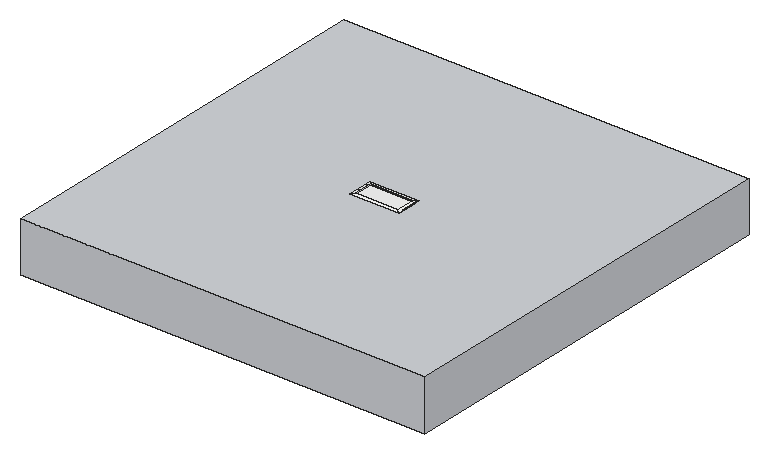
Revit family "Legrand_Emergencia_URA21LED_EN", category Luminaires, Revit 2020
Family settings
  Hôte = Face
  Cote de connecteur circulaire = Utiliser le diamètre
  Type d'élément = Normal
  Couper avec des vides une fois chargée = Non
  Source d'éclairage = Oui
  Partagée = Non
  Point de calcul de pièce = Non
Parameters (values of type "URA21LED NM 350LM 1H IP42 STD")
  WIRING_SYSTEM = "Standby switching"
  WIDTH = "109"
  VOLTAGE_TYPE = "AC"
  built-in parameter 1150107 = 3000 (stored number, unit not read)
  REF_SPARE_BATTERY = "660962"
  REFERENCE_URA_21_FLUSH_MOUNTING_BOX [instance] = if(URA_21_FLUSH_MOUNTING_BOX, "661720", "0")  # "0"
  REFERENCE_URA21LED_FLUSH-MOUNT_ACCESS [instance] = if([URA21LED_FLUSH-MOUNT_ACCESS], "661721", "0")  # "0"
  RECOGNITION_DISTANCE = ""
  Wattage = 9.2903 W
  built-in parameter 1150110 = 1 (stored number, unit not read)
  built-in parameter 1150109 = 1 (stored number, unit not read)
  built-in parameter 1114218 = 1 (stored number, unit not read)
  built-in parameter 1150113 = 1 (stored number, unit not read)
  built-in parameter 1150112 = 1 (stored number, unit not read)
  PROTECTION_CLASS = "II"
  PRODUCT_FORMAT = "Rectangle"
  POWER_SUPPLY_SYSTEM = "Peripheral (individual battery)"
  OUTER_DIAMETER = ""
  NOMINAL_VOLTAGE_(MIN) = "230"
  NOMINAL_VOLTAGE_(MAX) = "230"
  built-in parameter 1150137 = (empty or 0)
  built-in parameter 1150132 = 2
  MOUNTING_METHOD = "Built-in"
  MONITORING_EQUIPEMENT = "None"
  MATERIAL_HOUSING = "Plastic"
  MATERIAL_COVER = "Plastic. opal"
  URA21LED_FLUSH-MOUNT_ACCESS [instance] = no
  LUMINOUS_FLUX_AT_EMERGENCY_OPERATION = "350"
  LENGTH = "244"
  LAMP_TYPE = "LED not exchangeable"
  LAMP_POWER = "35"
  LABELLING_TYPE = "Sticker"
  built-in parameter 1150105 = 109.82 (stored number, unit not read)
  built-in parameter 1150102 = (empty or 0)
  HEIGHT/DEPTH = "57.5"
  Gradation des changements de température de couleur de lampe = <Aucun>
  General Conditions of Use = "https://export.legrand.com/en/terms-of-use-BIM-objects"
  Lumens = 1380 lm
  Color Filter = 16777215
  Fichier de distribution photométrique = "661609.ies"
  built-in parameter 1114217 = 1 (stored number, unit not read)
  built-in parameter 1150139 = (empty or 0)
  FUNCTION = "EL unit"
  Default Elevation = 1219.2 mm
  built-in parameter 1150104 = 13.8 (stored number, unit not read)
  built-in parameter 1150106 = 1.0982 (stored number, unit not read)
  built-in parameter 1150115 = 1 (stored number, unit not read)
  built-in parameter 1150114 = 1 (stored number, unit not read)
  DESCRIPTION = "URA21LED NM 350LM 1H IP42 STD"
  DEGREE_OF_PROTECTION_(IP) = "IP42"
  built-in parameter 1150138 = (empty or 0)
  built-in parameter 1150134 = (empty or 0)
  COLOUR_HOUSING = "White"
  CATEGORY = "Self-contained"
  URA_21_FLUSH_MOUNTING_BOX [instance] = no
  BUILT_IN_WIDTH = ""
  BUILT_IN_LENGTH = ""
  BUILT_IN_DIAMETER = ""
  BUILT_IN_DEPTH = ""
  BATTERY_QUALITY = "NiCd"
  BAES_FULL_WARRANTY_PERIOD = "2"
  Angle de l'inclinaison = 90.00°
  AUTONOMY = "1"
  ARTICLE_NUMBER = 661609
  built-in parameter 1150133 = 10 (stored number, unit not read)
Types (16, lengths in mm): name | WIRING_SYSTEM | REF_SPARE_BATTERY | REFERENCE_URA_21_FLUSH_MOUNTING_BOX | REFERENCE_URA21LED_FLUSH-MOUNT_ACCESS | MONITORING_EQUIPEMENT | URA21LED_FLUSH-MOUNT_ACCESS | LUMINOUS_FLUX_AT_EMERGENCY_OPERATION | LAMP_POWER | Fichier de distribution photométrique | DESCRIPTION | DEGREE_OF_PROTECTION_(IP) | URA_21_FLUSH_MOUNTING_BOX | BATTERY_QUALITY | AUTONOMY | ARTICLE_NUMBER
  URA21 LED NM 70LM 1H IP42 STD | "Standby switching" | "660972" | "0" | "0" | "None" | no | "70" | "7" | "661601.ies" | "URA21 LED NM 70LM 1H IP42 STD" | "IP42" | no | "NiCd" | "1" | 661601
  URA21 LED NM 100LM 1H IP42 STD | "Standby switching" | "660972" | "0" | "0" | "None" | no | "100" | "10" | "661602.ies" | "URA21 LED NM 100LM 1H IP42 STD" | "IP42" | no | "NiCd" | "1" | 661602
  URA21 LED M-NM 100LM 1H IP42 STD | "Continuous circuit/emergency cicuit" | "660972" | "0" | "0" | "None" | no | "100" | "10" | "661603.ies" | "URA21 LED M-NM 100LM 1H IP42 STD" | "IP42" | no | "NiCd" | "1" | 661603
  URA21 LED NM 160LM 1H IP42 STD | "Standby switching" | "660972" | "0" | "0" | "None" | no | "160" | "16" | "661605.ies" | "URA21 LED NM 160LM 1H IP42 STD" | "IP42" | no | "NiCd" | "1" | 661605
  URA21 LED M-NM 200LM 1H IP42 STD | "Continuous circuit/emergency cicuit" | "660962" | "0" | "0" | "None" | no | "200" | "20" | "661606.ies" | "URA21 LED M-NM 200LM 1H IP42 STD" | "IP42" | no | "NiCd" | "1" | 661606
  URA21 LED M-NM 350LM 1H IP42 STD | "Continuous circuit/emergency cicuit" | "660962" | "0" | "0" | "None" | no | "350" | "35" | "661607.ies" | "URA21 LED M-NM 350LM 1H IP42 STD" | "IP42" | no | "NiCd" | "1" | 661607
  URA21LED NM 200LM 1H IP42 STD | "Standby switching" | "660972" | "0" | "0" | "None" | no | "200" | "20" | "661608.ies" | "URA21LED NM 200LM 1H IP42 STD" | "IP42" | no | "NiCd" | "1" | 661608
  URA21LED NM 350LM 1H IP42 STD | "Standby switching" | "660962" | "0" | "0" | "None" | no | "350" | "35" | "661609.ies" | "URA21LED NM 350LM 1H IP42 STD" | "IP42" | no | "NiCd" | "1" | 661609
  URA21 LED M-NM 100LM 3H IP42 STD | "Continuous circuit/emergency cicuit" | "660971" | "0" | "0" | "None" | no | "100" | "10" | "661610.ies" | "URA21 LED M-NM 100LM 3H IP42 STD" | "IP42" | no | "NiMh" | "3" | 661610
  URA21LED NM 90LM 3H IP42 STD | "Continuous circuit/emergency cicuit" | "660962" | "0" | "0" | "None" | no | "90" | "10" | "661611.ies" | "URA21LED NM 90LM 3H IP42 STD" | "IP43" | no | "NiCd" | "3" | 661611
  URA21 LED M-NM 200LM 2H IP42 STD | "Continuous circuit/emergency cicuit" | "660971" | "0" | "0" | "None" | no | "200" | "20" | "661612.ies" | "URA21 LED M-NM 200LM 2H IP42 STD" | "IP42" | no | "NiMh" | "2" | 661612
  URA21 LED M-NM 100LM 1H IP42 ADR | "Continuous circuit/emergency cicuit" | "660972" | "0" | "0" | "Automatic self test" | no | "100" | "10" | "662603.ies" | "URA21 LED M-NM 100LM 1H IP42 ADR" | "IP42" | no | "NiCd" | "1" | 662603
  URA21 LED M-NM 200LM 1H IP42 ADR | "Continuous circuit/emergency cicuit" | "660962" | "0" | "0" | "Automatic self test" | no | "200" | "20" | "662606.ies" | "URA21 LED M-NM 200LM 1H IP42 ADR" | "IP42" | no | "NiCd" | "1" | 662606
  URA21 LED M-NM 350LM 1H IP42 ADR | "Continuous circuit/emergency cicuit" | "660971" | "0" | "0" | "Automatic self test" | no | "350" | "35" | "662607.ies" | "URA21 LED M-NM 350LM 1H IP42 ADR" | "IP42" | no | "NiMh" | "1" | 662607
  URA21 LED M-NM 100LM 3H IP42 ADR | "Continuous circuit/emergency cicuit" | "660971" | "0" | "0" | "Automatic self test" | no | "100" | "10" | "662610.ies" | "URA21 LED M-NM 100LM 3H IP42 ADR" | "IP42" | no | "NiMh" | "3" | 662610
  URA21 LED M-NM 200LM 2H IP42 ADR | "Continuous circuit/emergency cicuit" | "660971" | "661720" | "661721" | "Automatic self test" | yes | "200" | "20" | "662612.ies" | "URA21 LED M-NM 200LM 2H IP42 ADR" | "IP42" | yes | "NiMh" | "2" | 662612
Reference planes
  plane 1 "Centre (avant/arrière)": y = 0
  plane 2: z = 0
  plane 3 "Centre (gauche/droite)": x = 0
  plane 4: x = -140
  plane 5: x = 140
  plane 6: y = 60
  plane 7: y = -60
  plane 8: z = -59.7
Forms (mm)
  Extrusion 1, solid
    sketch origin (0, 0, 0) x (1, 0, 0) y (0, 1, 0)
      loop
        line (-1219.2, 1219.2) -> (-1219.2, -1219.2) -> (1219.2, -1219.2) -> (1219.2, 1219.2) -> (-1219.2, 1219.2)
    from 0 to -304.8
  Extrusion 2, solid, material "Blanc"
    sketch origin (0, 0, 0) x (1, 0, 0) y (0, 1, 0)
      loop
        line (-140, 60) -> (-140, -60) -> (140, -60) -> (140, 60) -> (-140, 60)
    from 5 to 0
  Extrusion 3, solid, material "Blanc"
    sketch origin (0, 0, 0) x (1, 0, 0) y (0, 1, 0)
      loop
        line (-140, 60) -> (-140, -60) -> (140, -60) -> (140, 60) -> (-140, 60)
    from 0 to -59.7
Dimensions and locks
  equal spacing: plane 4, plane 3 "Centre (gauche/droite)", plane 5
  equal spacing: plane 6, plane 1 "Centre (avant/arrière)", plane 7
  locked: plane 4 to plane 5 at 280
  locked: plane 6 to plane 7 at 120
  locked: Extrusion 1 to plane 8 at 59.7
  aligned and locked: plane 2 to Extrusion 1
  aligned and locked: level to Extrusion 1
  aligned and locked: Extrusion 2 sketch curve to plane 6
  aligned and locked: plane 4 to Extrusion 2 sketch curve
  aligned and locked: plane 7 to Extrusion 2 sketch curve
  aligned and locked: Extrusion 2 sketch curve to plane 5
  aligned and locked: level to Extrusion 3
  aligned and locked: Extrusion 2 to level
  aligned and locked: plane 3 "Centre (gauche/droite)" to nested 2
  aligned and locked: plane 1 "Centre (avant/arrière)" to nested 2
Automatic sketch dimensions
  Extrusion 1 sketch curve to Extrusion 1 sketch curve = 2438.4 mm  (x2)
  Extrusion 3 sketch curve to plane 4 = 0 mm
  Extrusion 3 sketch curve to plane 5 = 0 mm
  Extrusion 3 sketch curve to plane 7 = 0 mm
  Extrusion 3 sketch curve to plane 6 = 0 mm
Nested families
  nested 1: "LEGRAND_ES_URA21LED_MARCO_EMPOTRAR" at (0, 0, 5), type "LEGRAND_ES_URA21LED_MARCO_EMPOTRAR"
  nested 2: "168180_Porte Pictogramme" at (0, 0, 0), type "168180_Porte Pictogramme"
Connectors
  electrical at (0, 0, -59.7)
    settings: on Extrusion 3, index 1, voltage 0 V, apparent load 0 VA, apparent load phase1 0 VA, apparent load phase2 0 VA, apparent load phase3 0 VA, power factor 1, load classification "Autre", number of poles 1, system type 31, power factor state 1, is connector primary yes, connector utility no, sub classification motor no, connector description ""
Definition of nested family "LEGRAND_ES_URA21LED_MARCO_EMPOTRAR"
  Parameters (values of type "LEGRAND_ES_URA21LED_MARCO_EMPOTRAR")
    Rayon_Enjoliveur = 93.5 mm
    Default Elevation = 1219.2 mm
    D = 250 mm
    C = 110 mm
    B = 150.4 mm
    A = 291.4 mm
  Reference planes
    plane 1 "Centre (avant/arrière)": y = 0
    plane 2: z = 0
    plane 3 "Centre (gauche/droite)": x = 0
    plane 4: x = 145.7
    plane 5: x = -145.7
    plane 6: z = 5
    plane 7: y = 75.2
    plane 8: y = -75.2
    plane 9: x = -125
    plane 10: x = 125
    plane 11: y = 55
    plane 12: y = -55
  Forms (mm)
    Extrusion 1, solid
      sketch origin (0, 0, 0) x (1, 0, 0) y (0, 1, 0)
        loop
          line (-1219.2, 1219.2) -> (-1219.2, -1219.2) -> (1219.2, -1219.2) -> (1219.2, 1219.2) -> (-1219.2, 1219.2)
      from 0 to -304.8
    Sweep 2, solid
      path origin (0, 0, 0) x (1, 0, 0) y (0, 1, 0)
        loop
          line (-145.7, 75.2) -> (-145.7, -75.2) -> (145.7, -75.2) -> (145.7, 75.2) -> (-145.7, 75.2)
      profile origin (0, 75.2, 0) x (0, 1, 0) y (0, 0, 1)
        loop
          line (-20.2, 0) -> (0, 0)
          arc (0, 0) -> (-9.878, 3.397) -> (-20.2, 5) r 59.063
          line (-20.2, 5) -> (-20.2, 0)
  Dimensions and locks
    equal spacing: plane 5, plane 3 "Centre (gauche/droite)", plane 4
    equal spacing: plane 7, plane 1 "Centre (avant/arrière)", plane 8
    "B": plane 7 to plane 8
    "A": plane 5 to plane 4
    equal spacing: plane 9, plane 3 "Centre (gauche/droite)", plane 10
    equal spacing: plane 11, plane 1 "Centre (avant/arrière)", plane 12
    "C": plane 11 to plane 12
    "D": plane 9 to plane 10
    aligned and locked: plane 2 to Extrusion 1
    aligned and locked: level to Extrusion 1
    aligned and locked: Sweep 2 sketch curve to plane 7
    aligned and locked: plane 5 to Sweep 2 sketch curve
    aligned and locked: plane 8 to Sweep 2 sketch curve
    aligned and locked: Sweep 2 sketch curve to plane 4
    aligned and locked: Sweep 2 sketch curve to profile plane
    aligned and locked: Sweep 2 sketch curve to plane 11
  Automatic sketch dimensions
    Extrusion 1 sketch curve to Extrusion 1 sketch curve = 2438.4 mm  (x2)
    Sweep 2 sketch curve to profile plane = 0 mm
    profile plane to Sweep 2 sketch curve = 24.069 mm
    Sweep 2 sketch curve to level = 53.936 mm
Definition of nested family "168180_Porte Pictogramme"
  Reference planes
    plane 1 "Centre (avant/arrière)": y = 0
    plane 2: z = 0
    plane 3 "Centre (gauche/droite)": x = 0
  Lines and regions (mm)
    Filled region 1, type "NOIR", in view "Niveau de réf."
      outline origin (0, 0, 0) x (1, 0, 0) y (0, 1, 0)
        loop
          line (103, 52.5) -> (-103, 52.5) -> (-103, -52.5) -> (103, -52.5) -> (103, 52.5)
        loop
          line (98, 47.5) -> (-98, 47.5) -> (-98, -47.5) -> (98, -47.5) -> (98, 47.5)
    model lines, in view "Niveau de réf."
      curve 1: line (103, -52.5, 0) -> (103, 52.5, 0)
      curve 2: line (103, 52.5, 0) -> (-103, 52.5, 0)
      curve 3: line (-103, 52.5, 0) -> (-103, -52.5, 0)
      curve 4: line (-103, -52.5, 0) -> (103, -52.5, 0)
    detail lines, in view "Niveau de réf."
      curve 5: line (98, 47.5, 0) -> (-98, 47.5, 0)
      curve 6: line (-98, 47.5, 0) -> (-98, -47.5, 0)
      curve 7: line (-98, -47.5, 0) -> (98, -47.5, 0)
      curve 8: line (98, -47.5, 0) -> (98, 47.5, 0)
